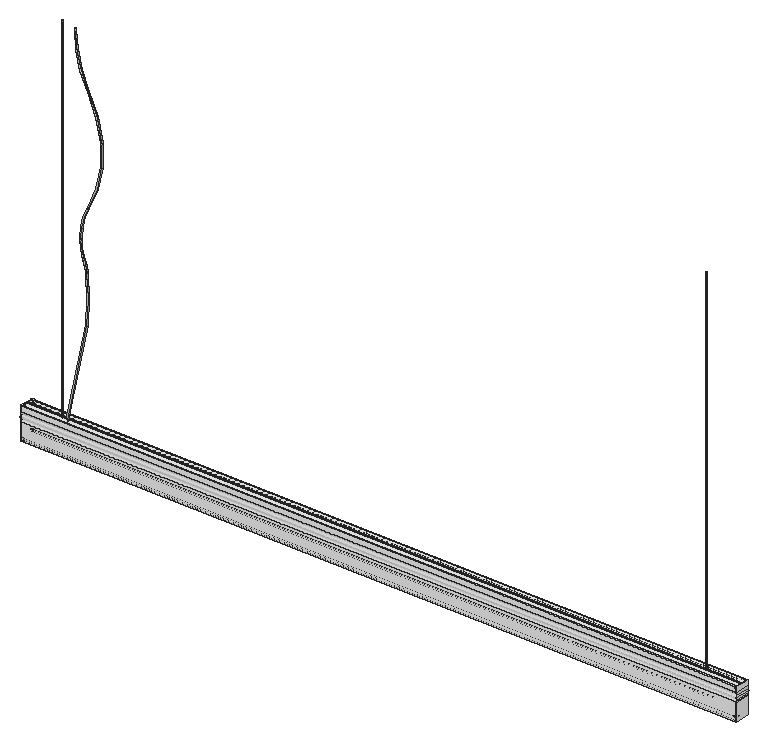
Revit family "luminii-kilo-sp", category Lighting Fixtures, host Ceiling, Revit 2013
Parameters
  Wattage = 16.1571 W
  built-in parameter 1150110 = 1 (stored number, unit not read)
  built-in parameter 1114217 = 1 (stored number, unit not read)
  Tilt Angle = 60.00°
  built-in parameter 1150109 = 1 (stored number, unit not read)
  built-in parameter 1150134 = 5
  built-in parameter 1150113 = 1 (stored number, unit not read)
  Photometric Web File = "Kilo.ies"
  Lumens = 2400 lm
  built-in parameter 1150115 = 1 (stored number, unit not read)
  built-in parameter 1150105 = 190.99 (stored number, unit not read)
  built-in parameter 1150137 = (empty or 0)
  built-in parameter 1150139 = (empty or 0)
  built-in parameter 1150112 = 1 (stored number, unit not read)
  built-in parameter 1150114 = 1 (stored number, unit not read)
  built-in parameter 1150132 = 2
  built-in parameter 1150102 = (empty or 0)
  built-in parameter 1150138 = (empty or 0)
  built-in parameter 1150107 = 6000 (stored number, unit not read)
  built-in parameter 1150106 = 1.9099 (stored number, unit not read)
  Emit from Line Length = 5' - 0"
  built-in parameter 1150104 = 13.8 (stored number, unit not read)
  Dimming Lamp Color Temperature Shift = (empty or 0)
  Color Filter = 16777215
  built-in parameter 1114218 = 1 (stored number, unit not read)
  built-in parameter 1150133 = 10 (stored number, unit not read)
Reference planes (in)
  plane 1 "Light Source Axis (F/B)": y = 0
  plane 2 "Ceiling": z = 96
  plane 3 "Light Source Axis (L/R)": x = 0
  plane 4 "Light Source Elevation": z = 64.00596
  plane 5: x = -30
  plane 6: z = 63.82661
  plane 7: z = 66.01038
  plane 8: z = 66.25871
  plane 9: x = 30.0625
Forms (in)
  Extrusion 1, solid, material "Aluminum"
    sketch origin (-30, -180, 111.28633) x (0, 0, 1) y (0, -1, 0)
      loop
        spline (-45.27596, -179.41016) -> (-45.3447, -179.42115) -> (-45.40661, -179.44042) -> (-45.46645, -179.4477) -> (-45.52665, -179.43653) -> (-45.58647, -179.41921) -> (-45.64496, -179.40939) -> (-45.70145, -179.41721) -> (-45.75674, -179.43453) -> (-45.81215, -179.4473) -> (-45.86901, -179.44201) -> (-45.93014, -179.42207) -> (-46.00005, -179.41016)
        line (-46.00005, -179.41016) -> (-47.45973, -179.41016) -> (-47.45973, -179.46052) -> (-47.37383, -179.46252)
        spline (-47.37383, -179.46252) -> (-47.36394, -179.46315) -> (-47.35306, -179.46098) -> (-47.34149, -179.45737) -> (-47.3295, -179.4537) -> (-47.3174, -179.45134) -> (-47.30548, -179.45164) -> (-47.294, -179.45568) -> (-47.28315, -179.46258) -> (-47.27308, -179.47076) -> (-47.26394, -179.47858) -> (-47.25587, -179.48446) -> (-47.24903, -179.48678)
        line (-47.24903, -179.48678) -> (-47.17426, -179.48678)
        spline (-47.17426, -179.48678) -> (-47.17466, -179.49696) -> (-47.17452, -179.50676) -> (-47.17382, -179.51617) -> (-47.17258, -179.5252) -> (-47.17079, -179.53383) -> (-47.16844, -179.54208) -> (-47.16556, -179.54994) -> (-47.16212, -179.55741) -> (-47.15813, -179.56449) -> (-47.1536, -179.57119) -> (-47.14851, -179.5775) -> (-47.14288, -179.58342)
        arc (-47.14288, -179.58342) -> (-47.10313, -179.57801) -> (-47.10564, -179.53797) r 0.02946
        spline (-47.10564, -179.53797) -> (-47.11635, -179.5119) -> (-47.11747, -179.48983) -> (-47.11093, -179.47205) -> (-47.09868, -179.45887) -> (-47.08265, -179.45058) -> (-47.06478, -179.44748) -> (-47.04696, -179.44978) -> (-47.03095, -179.45734) -> (-47.01844, -179.4699) -> (-47.01115, -179.48722) -> (-47.01076, -179.50903) -> (-47.019, -179.5351)
        arc (-47.019, -179.5351) -> (-47.01664, -179.57625) -> (-46.97548, -179.57429) r 0.02928
        spline (-46.97548, -179.57429) -> (-46.97077, -179.56874) -> (-46.96657, -179.56287) -> (-46.96288, -179.55669) -> (-46.9597, -179.55019) -> (-46.95702, -179.54337) -> (-46.95486, -179.53624) -> (-46.95319, -179.52879) -> (-46.95204, -179.52102) -> (-46.95139, -179.51293) -> (-46.95125, -179.50453) -> (-46.95162, -179.49581) -> (-46.9525, -179.48678)
        line (-46.9525, -179.48678) -> (-46.12718, -179.48678) -> (-46.12718, -180.51354) -> (-46.9525, -180.51354)
        spline (-46.9525, -180.51354) -> (-46.95162, -180.5045) -> (-46.95125, -180.49578) -> (-46.95139, -180.48738) -> (-46.95204, -180.4793) -> (-46.95319, -180.47153) -> (-46.95486, -180.46408) -> (-46.95702, -180.45694) -> (-46.9597, -180.45013) -> (-46.96288, -180.44363) -> (-46.96657, -180.43744) -> (-46.97077, -180.43158) -> (-46.97548, -180.42603)
        arc (-46.97548, -180.42603) -> (-47.01664, -180.42407) -> (-47.019, -180.46521) r 0.02928
        spline (-47.019, -180.46521) -> (-47.01076, -180.49128) -> (-47.01115, -180.5131) -> (-47.01844, -180.53042) -> (-47.03095, -180.54298) -> (-47.04696, -180.55053) -> (-47.06478, -180.55284) -> (-47.08265, -180.54973) -> (-47.09868, -180.54144) -> (-47.11093, -180.52826) -> (-47.11747, -180.51049) -> (-47.11635, -180.48842) -> (-47.10564, -180.46235)
        arc (-47.10564, -180.46235) -> (-47.10313, -180.4223) -> (-47.14288, -180.4169) r 0.02946
        spline (-47.14288, -180.4169) -> (-47.14851, -180.42282) -> (-47.1536, -180.42913) -> (-47.15813, -180.43582) -> (-47.16212, -180.4429) -> (-47.16556, -180.45038) -> (-47.16844, -180.45824) -> (-47.17079, -180.46648) -> (-47.17258, -180.47512) -> (-47.17382, -180.48414) -> (-47.17452, -180.49355) -> (-47.17466, -180.50335) -> (-47.17426, -180.51354)
        line (-47.17426, -180.51354) -> (-47.24903, -180.51354)
        spline (-47.24903, -180.51354) -> (-47.25611, -180.51594) -> (-47.26446, -180.52201) -> (-47.27391, -180.53011) -> (-47.28433, -180.53857) -> (-47.29555, -180.54571) -> (-47.30743, -180.54989) -> (-47.31977, -180.55021) -> (-47.33229, -180.54776) -> (-47.34468, -180.54396) -> (-47.35666, -180.54023) -> (-47.36791, -180.53798) -> (-47.37815, -180.53864)
        line (-47.37815, -180.53864) -> (-47.45973, -180.54085) -> (-47.45973, -180.59016) -> (-46.00005, -180.59016)
        spline (-46.00005, -180.59016) -> (-45.93014, -180.57824) -> (-45.86901, -180.55831) -> (-45.81215, -180.55302) -> (-45.75674, -180.56578) -> (-45.70145, -180.58311) -> (-45.64496, -180.59093) -> (-45.58647, -180.58111) -> (-45.52665, -180.56379) -> (-45.46645, -180.55262) -> (-45.40661, -180.5599) -> (-45.3447, -180.57916) -> (-45.27596, -180.59016)
        line (-45.27596, -180.59016) -> (-44.83886, -180.59016)
        spline (-44.83886, -180.59016) -> (-44.83574, -180.58943) -> (-44.8329, -180.58732) -> (-44.83032, -180.58381) -> (-44.82802, -180.57892) -> (-44.82599, -180.57264) -> (-44.82423, -180.56497) -> (-44.82274, -180.55592) -> (-44.82152, -180.54547) -> (-44.82057, -180.53364) -> (-44.81989, -180.52042) -> (-44.81949, -180.50581) -> (-44.81935, -180.48981)
        line (-44.81935, -180.48981) -> (-44.81935, -180.10081) -> (-44.88762, -180.10081) -> (-44.88762, -180.31571) -> (-45.02763, -180.31571) -> (-45.02763, -179.68461) -> (-44.88762, -179.68461) -> (-44.88762, -179.8995) -> (-44.81935, -179.8995) -> (-44.81935, -179.51051)
        spline (-44.81935, -179.51051) -> (-44.81949, -179.49451) -> (-44.81989, -179.4799) -> (-44.82057, -179.46668) -> (-44.82152, -179.45484) -> (-44.82274, -179.4444) -> (-44.82423, -179.43534) -> (-44.82599, -179.42767) -> (-44.82802, -179.42139) -> (-44.83032, -179.4165) -> (-44.8329, -179.413) -> (-44.83574, -179.41088) -> (-44.83886, -179.41016)
        line (-44.83886, -179.41016) -> (-45.27596, -179.41016)
      loop
        line (-46.08364, -179.48678) -> (-46.08364, -180.51354) -> (-45.04783, -180.51354)
        spline (-45.04783, -180.51354) -> (-45.01552, -180.48011) -> (-44.98546, -180.49634) -> (-44.97571, -180.51601) -> (-44.96016, -180.53223) -> (-44.9343, -180.53832) -> (-44.90583, -180.53002) -> (-44.88601, -180.51029) -> (-44.88089, -180.4839) -> (-44.88891, -180.45697) -> (-44.90864, -180.43829) -> (-44.93998, -180.43539) -> (-44.98872, -180.40914)
        spline (-44.98872, -180.40914) -> (-44.99114, -180.3997) -> (-44.99538, -180.3936) -> (-45.00106, -180.39018) -> (-45.00782, -180.38877) -> (-45.01529, -180.38871) -> (-45.02311, -180.38931) -> (-45.03092, -180.38993) -> (-45.03834, -180.38988) -> (-45.04501, -180.3885) -> (-45.05057, -180.38512) -> (-45.05465, -180.37907) -> (-45.05688, -180.36969)
        line (-45.05688, -180.36969) -> (-45.05688, -179.63062)
        spline (-45.05688, -179.63062) -> (-45.05465, -179.62124) -> (-45.05057, -179.6152) -> (-45.04501, -179.61182) -> (-45.03834, -179.61044) -> (-45.03092, -179.61039) -> (-45.02311, -179.611) -> (-45.01529, -179.61161) -> (-45.00782, -179.61154) -> (-45.00106, -179.61013) -> (-44.99538, -179.60671) -> (-44.99114, -179.60061) -> (-44.98872, -179.59117)
        spline (-44.98872, -179.59117) -> (-44.93998, -179.56492) -> (-44.90864, -179.56203) -> (-44.88891, -179.54334) -> (-44.88089, -179.51641) -> (-44.88601, -179.49003) -> (-44.90583, -179.47029) -> (-44.9343, -179.46199) -> (-44.96016, -179.46809) -> (-44.97571, -179.48431) -> (-44.98546, -179.50397) -> (-45.01552, -179.52021) -> (-45.04783, -179.48678)
        line (-45.04783, -179.48678) -> (-46.08364, -179.48678)
    from 0 to 60
  Extrusion 2, solid, material "Polycarbonate, Clear"
    sketch origin (-30, -180, 111.71914) x (0, 0, 1) y (0, -1, 0)
      loop
        line (-47.79602, -179.47422) -> (-47.87021, -179.4678)
        arc (-47.87021, -179.4678) -> (-47.88588, -179.47313) -> (-47.89254, -179.48828) r 0.02056
        line (-47.89254, -179.48828) -> (-47.89254, -180.51203)
        arc (-47.89254, -180.51203) -> (-47.88588, -180.52719) -> (-47.87021, -180.53252) r 0.02056
        line (-47.87021, -180.53252) -> (-47.79602, -180.5261)
        spline (-47.79602, -180.5261) -> (-47.77757, -180.54082) -> (-47.7599, -180.54834) -> (-47.7434, -180.54976) -> (-47.72844, -180.54619) -> (-47.71543, -180.53875) -> (-47.70474, -180.52853) -> (-47.69679, -180.51666) -> (-47.69194, -180.50423) -> (-47.6906, -180.49237) -> (-47.69315, -180.48217) -> (-47.69999, -180.47475) -> (-47.7115, -180.47121)
        line (-47.7115, -180.47121) -> (-47.80776, -180.47121)
        spline (-47.80776, -180.47121) -> (-47.81074, -180.47082) -> (-47.81347, -180.46958) -> (-47.81594, -180.46748) -> (-47.81815, -180.46452) -> (-47.82009, -180.46071) -> (-47.82178, -180.45604) -> (-47.82321, -180.45051) -> (-47.82438, -180.44413) -> (-47.82529, -180.43689) -> (-47.82594, -180.4288) -> (-47.82633, -180.41984) -> (-47.82646, -180.41004)
        line (-47.82646, -180.41004) -> (-47.82646, -179.59028)
        spline (-47.82646, -179.59028) -> (-47.82633, -179.58047) -> (-47.82594, -179.57152) -> (-47.82529, -179.56342) -> (-47.82438, -179.55618) -> (-47.82321, -179.5498) -> (-47.82178, -179.54427) -> (-47.82009, -179.5396) -> (-47.81815, -179.53579) -> (-47.81594, -179.53284) -> (-47.81347, -179.53074) -> (-47.81074, -179.52949) -> (-47.80776, -179.52911)
        line (-47.80776, -179.52911) -> (-47.7115, -179.52911)
        spline (-47.7115, -179.52911) -> (-47.69999, -179.52557) -> (-47.69315, -179.51815) -> (-47.6906, -179.50795) -> (-47.69194, -179.49608) -> (-47.69679, -179.48366) -> (-47.70474, -179.47178) -> (-47.71543, -179.46157) -> (-47.72844, -179.45412) -> (-47.7434, -179.45055) -> (-47.7599, -179.45198) -> (-47.77757, -179.45949) -> (-47.79602, -179.47422)
    from 0 to 60
  Extrusion 3, solid, material "Aluminum"
    sketch origin (30.0625, -180, 111.28633) x (0, 0, 1) y (0, 1, 0)
      loop
        line (-44.83886, 180.59016) -> (-45.27596, 180.59016)
        spline (-45.27596, 180.59016) -> (-45.3447, 180.57916) -> (-45.40661, 180.5599) -> (-45.46645, 180.55262) -> (-45.52665, 180.56379) -> (-45.58647, 180.58111) -> (-45.64496, 180.59093) -> (-45.70145, 180.58311) -> (-45.75674, 180.56578) -> (-45.81215, 180.55302) -> (-45.86901, 180.55831) -> (-45.93014, 180.57824) -> (-46.00005, 180.59016)
        line (-46.00005, 180.59016) -> (-47.45973, 180.59016) -> (-47.45973, 179.41016) -> (-46.00005, 179.41016)
        spline (-46.00005, 179.41016) -> (-45.93014, 179.42207) -> (-45.86901, 179.44201) -> (-45.81215, 179.4473) -> (-45.75674, 179.43453) -> (-45.70145, 179.41721) -> (-45.64496, 179.40939) -> (-45.58647, 179.41921) -> (-45.52665, 179.43653) -> (-45.46645, 179.4477) -> (-45.40661, 179.44042) -> (-45.3447, 179.42115) -> (-45.27596, 179.41016)
        line (-45.27596, 179.41016) -> (-44.83886, 179.41016)
        spline (-44.83886, 179.41016) -> (-44.83574, 179.41088) -> (-44.8329, 179.413) -> (-44.83032, 179.4165) -> (-44.82802, 179.42139) -> (-44.82599, 179.42767) -> (-44.82423, 179.43534) -> (-44.82274, 179.4444) -> (-44.82152, 179.45484) -> (-44.82057, 179.46668) -> (-44.81989, 179.4799) -> (-44.81949, 179.49451) -> (-44.81935, 179.51051)
        line (-44.81935, 179.51051) -> (-44.81935, 180.48981)
        spline (-44.81935, 180.48981) -> (-44.81949, 180.50581) -> (-44.81989, 180.52042) -> (-44.82057, 180.53364) -> (-44.82152, 180.54547) -> (-44.82274, 180.55592) -> (-44.82423, 180.56497) -> (-44.82599, 180.57264) -> (-44.82802, 180.57892) -> (-44.83032, 180.58381) -> (-44.8329, 180.58732) -> (-44.83574, 180.58943) -> (-44.83886, 180.59016)
      loop
        circle (-44.93249, 179.51433) r 0.05262
      loop
        circle (-44.93249, 180.48599) r 0.05262
      loop
        circle (-47.0636, 179.49925) r 0.05262
      loop
        circle (-47.0636, 180.50107) r 0.05262
    from 0 to 0.0625
  Extrusion 4, solid, material "Steel"
    sketch origin (-180, 0.00016, 66.25871) x (0, 1, 0) y (-1, 0, 0)
      loop
        circle (-0.00016, -207) r 0.03333
      loop
        circle (-0.00016, -153) r 0.03333
    from 0 to 30
  Sweep 5, solid
    path in 3D
      loop
        arc (-26.61894, 0, 66.25871) -> (-25.65051, 0, 70.10852) -> (-24.99349, 0, 74.02352) r 49.53363
        arc (-24.99349, 0, 74.02352) -> (-24.86713, 0, 76.02352) -> (-24.99349, 0, 78.02352) r 15.89109
        arc (-24.99349, 0, 78.02352) -> (-25.07429, 0, 78.45463) -> (-25.20534, 0, 78.87321) r 3.71438
        arc (-25.20534, 0, 78.87321) -> (-25.41522, 0, 79.62839) -> (-25.48428, 0, 80.40914) r 4.29263
        arc (-25.48428, 0, 80.40914) -> (-25.31585, 0, 81.6892) -> (-24.82963, 0, 82.88524) r 5.07122
        arc (-24.82963, 0, 82.88524) -> (-23.68039, 0, 87.26024) -> (-24.82963, 0, 91.63524) r 8.90213
        arc (-24.82963, 0, 91.63524) -> (-25.66983, 0, 93.74463) -> (-25.91828, 0, 96.00157) r 8.45334
    profile origin (-25.66983, 0, 93.74463) x (-0.970296, 0, -0.241922) y (0, -1, 0)
      loop
        circle (0, 0) r 0.0625
  Extrusion 6, void
    sketch origin (0, 0, 4.00596) x (-1, 0, 0) y (0, 0, 1)
      loop
        line (-30.0625, 62.00441) -> (-30.19944, 62.00441) -> (-30.19944, 61.82339) -> (-30.04504, 61.82339) -> (-30.0625, 62.00441)
    from -0.73319 to 2.10526
  Extrusion 7, void
    sketch origin (0, 0, 64.00596) x (0.504512, 0, -0.863405) y (0.863405, 0, 0.504512)
      loop
        line (13.81796, 26.90292) -> (13.66166, 26.99425) -> (13.58377, 26.86095) -> (13.74887, 26.78469) -> (13.81796, 26.90292)
    from -1.64922 to 2.01243
  Extrusion 8, void
    sketch origin (0, 0, 64.00596) x (0.504512, 0, -0.863405) y (0.863405, 0, 0.504512)
      loop
        line (13.81796, 26.90292) -> (13.74887, 26.78469) -> (13.89636, 26.67829) -> (13.97426, 26.8116) -> (13.81796, 26.90292)
    from -2.10526 to 1.31164
  Extrusion 9, void
    sketch origin (0, 0, 64.00596) x (0.504512, 0, -0.863405) y (0.863405, 0, 0.504512)
      loop
        line (14.13055, 26.72027) -> (14.05241, 26.76593) -> (13.97852, 26.63949)
        arc (13.97852, 26.63949) -> (14.02098, 26.62295) -> (14.06147, 26.60203) r 0.43285
        line (14.06147, 26.60203) -> (14.13055, 26.72027)
    from -1.53017 to 6
  Extrusion 10, void
    sketch origin (0, 0, 64.00596) x (0.504512, 0, -0.863405) y (0.863405, 0, 0.504512)
      loop
        line (14.05241, 26.76593) -> (13.97426, 26.8116) -> (13.89636, 26.67829)
        arc (13.89636, 26.67829) -> (13.93639, 26.65667) -> (13.97852, 26.63949) r 0.42202
        line (13.97852, 26.63949) -> (14.05241, 26.76593)
    from -2.0575 to 6
  Extrusion 11, solid, material "Aluminum"
    sketch origin (-30.0625, -180, 111.28633) x (0, 0, 1) y (0, -1, 0)
      loop
        spline (-44.83886, -180.59016) -> (-44.83574, -180.58943) -> (-44.8329, -180.58732) -> (-44.83032, -180.58381) -> (-44.82802, -180.57892) -> (-44.82599, -180.57264) -> (-44.82423, -180.56497) -> (-44.82274, -180.55592) -> (-44.82152, -180.54547) -> (-44.82057, -180.53364) -> (-44.81989, -180.52042) -> (-44.81949, -180.50581) -> (-44.81935, -180.48981)
        line (-44.81935, -180.48981) -> (-44.81935, -179.51051)
        spline (-44.81935, -179.51051) -> (-44.81949, -179.49451) -> (-44.81989, -179.4799) -> (-44.82057, -179.46668) -> (-44.82152, -179.45484) -> (-44.82274, -179.4444) -> (-44.82423, -179.43534) -> (-44.82599, -179.42767) -> (-44.82802, -179.42139) -> (-44.83032, -179.4165) -> (-44.8329, -179.413) -> (-44.83574, -179.41088) -> (-44.83886, -179.41016)
        line (-44.83886, -179.41016) -> (-45.27596, -179.41016)
        spline (-45.27596, -179.41016) -> (-45.3447, -179.42115) -> (-45.40661, -179.44042) -> (-45.46645, -179.4477) -> (-45.52665, -179.43653) -> (-45.58647, -179.41921) -> (-45.64496, -179.40939) -> (-45.70145, -179.41721) -> (-45.75674, -179.43453) -> (-45.81215, -179.4473) -> (-45.86901, -179.44201) -> (-45.93014, -179.42207) -> (-46.00005, -179.41016)
        line (-46.00005, -179.41016) -> (-47.45973, -179.41016) -> (-47.45973, -180.59016) -> (-46.00005, -180.59016)
        spline (-46.00005, -180.59016) -> (-45.93014, -180.57824) -> (-45.86901, -180.55831) -> (-45.81215, -180.55302) -> (-45.75674, -180.56578) -> (-45.70145, -180.58311) -> (-45.64496, -180.59093) -> (-45.58647, -180.58111) -> (-45.52665, -180.56379) -> (-45.46645, -180.55262) -> (-45.40661, -180.5599) -> (-45.3447, -180.57916) -> (-45.27596, -180.59016)
        line (-45.27596, -180.59016) -> (-44.83886, -180.59016)
      loop
        circle (-44.93249, -179.51433) r 0.05262
      loop
        circle (-44.93249, -180.48599) r 0.05262
      loop
        circle (-47.0636, -179.49925) r 0.05262
      loop
        circle (-47.0636, -180.50107) r 0.05262
    from 0 to 0.0625
  Extrusion 12, void
    sketch origin (0, 0, 4.00596) x (1, 0, 0) y (0, 0, -1)
      loop
        line (-30.0625, -62.00441) -> (-30.04504, -61.82339) -> (-30.19944, -61.82339) -> (-30.19944, -62.00441) -> (-30.0625, -62.00441)
    from -0.73319 to 2.10526
  Extrusion 13, solid, material "Steel"
    sketch origin (30.0625, 0, 66.46698) x (0, 0, 1) y (0, 1, 0)
      loop
        circle (-0.11313, 0.48599) r 0.05262
      loop
        circle (-0.11313, -0.48567) r 0.05262
      loop
        circle (-2.24425, -0.50075) r 0.05262
      loop
        circle (-2.24425, 0.50107) r 0.05262
    from 0.01935 to 0.12186
Cuts and joins
  Extrusion 6, Extrusion 7, Extrusion 8, Extrusion 9, Extrusion 10, Extrusion 12 cuts Extrusion 3
  Extrusion 12 cuts Extrusion 11
Lines and regions (in)
  reference lines
    curve 1: arc (-26.61894, 0, 66.25871) -> (-25.65051, 0, 70.10852) -> (-24.99349, 0, 74.02352) r 49.53363
    curve 2: arc (-24.99349, 0, 74.02352) -> (-24.86713, 0, 76.02352) -> (-24.99349, 0, 78.02352) r 15.89109
    curve 3: arc (-24.99349, 0, 78.02352) -> (-25.07429, 0, 78.45463) -> (-25.20534, 0, 78.87321) r 3.71438
    curve 4: arc (-25.20534, 0, 78.87321) -> (-25.41522, 0, 79.62839) -> (-25.48428, 0, 80.40914) r 4.29263
    curve 5: arc (-25.48428, 0, 80.40914) -> (-25.31585, 0, 81.6892) -> (-24.82963, 0, 82.88524) r 5.07122
    curve 6: arc (-24.82963, 0, 82.88524) -> (-23.68039, 0, 87.26024) -> (-24.82963, 0, 91.63524) r 8.90213
    curve 7: arc (-24.82963, 0, 91.63524) -> (-25.66983, 0, 93.74463) -> (-25.91828, 0, 96.00157) r 8.45334
  sketch lines
    curve 8: arc (-24.82963, 0, 91.63524) -> (-25.66983, 0, 93.74463) -> (-25.91828, 0, 96.00157) r 8.45334
    curve 9: arc (-24.82963, 0, 82.88524) -> (-23.68039, 0, 87.26024) -> (-24.82963, 0, 91.63524) r 8.90213
    curve 10: arc (-25.48428, 0, 80.40914) -> (-25.31585, 0, 81.6892) -> (-24.82963, 0, 82.88524) r 5.07122
    curve 11: arc (-24.99349, 0, 78.02352) -> (-25.07429, 0, 78.45463) -> (-25.20534, 0, 78.87321) r 3.71438
    curve 12: arc (-25.20534, 0, 78.87321) -> (-25.41522, 0, 79.62839) -> (-25.48428, 0, 80.40914) r 4.29263
    curve 13: arc (-24.99349, 0, 74.02352) -> (-24.86713, 0, 76.02352) -> (-24.99349, 0, 78.02352) r 15.89109
    curve 14: arc (-26.61894, 0, 66.25871) -> (-25.65051, 0, 70.10852) -> (-24.99349, 0, 74.02352) r 49.53363
Dimensions and locks (in)
  host sketch curve to plane 3 "Light Source Axis (L/R)" to host sketch curve = 4' - 11.68371", 5' - 0.31629"
  equal spacing: host sketch curve, plane 1 "Light Source Axis (F/B)", host sketch curve
  host sketch curve to host sketch curve = 10' - 0"  (x2)
  aligned and locked: plane 1 "Light Source Axis (F/B)" to imposter light
